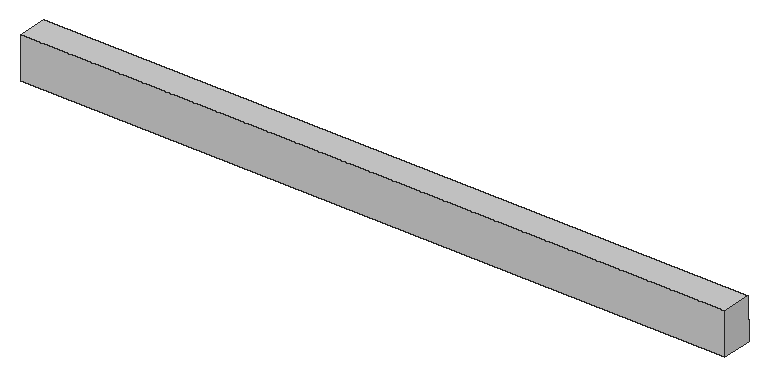
Revit family "Lum_Teto_Tubular_1_Sobrepor", category Lighting Fixtures, host Ceiling, Revit 2025
Family settings
  Host = Ceiling
  Round Connector Dimension = Use Diameter
  Part Type = Normal
  OmniClass Number = 23.80.70.11
  OmniClass Title = Luminaries for Internal Lighting
  Always vertical = Yes
  Cut with Voids When Loaded = No
  Light Source = Yes
  Maintain Annotation Orientation = No
  Shared = No
  Room Calculation Point = No
Parameters (values of type "Luminária_Tubular_1_Lâmpada")
  Wattage = 9.2903 W
  built-in parameter 1150110 = 1 (stored number, unit not read)
  built-in parameter 1114217 = 1 (stored number, unit not read)
  built-in parameter 1150109 = 1 (stored number, unit not read)
  Lumi_Material = Material_Corpo_Luminaria
  Lumi_Largura_Interna = Lumi_Largura - 10 mm  # 40 mm
  Lumi_Largura = 50 mm
  Lumi_Comprimento = 1200 mm
  Lumi_Altura = 70 mm
  Emit from Line Length = Lumi_Comprimento - 100 mm  # 1100 mm
  Default Elevation = 0 mm
  built-in parameter 1150134 = (empty or 0)
  built-in parameter 1150113 = 1 (stored number, unit not read)
  Lumens = 1380 lm
  built-in parameter 1150115 = 1 (stored number, unit not read)
  built-in parameter 1150105 = 439.27 (stored number, unit not read)
  Light Source Symbol Size = 30 mm
  built-in parameter 1150137 = (empty or 0)
  built-in parameter 1150139 = (empty or 0)
  built-in parameter 1150112 = 1 (stored number, unit not read)
  built-in parameter 1150114 = 1 (stored number, unit not read)
  built-in parameter 1150132 = 2
  built-in parameter 1150102 = (empty or 0)
  built-in parameter 1150138 = (empty or 0)
  built-in parameter 1150107 = 3000 (stored number, unit not read)
  built-in parameter 1150106 = 4.3927 (stored number, unit not read)
  built-in parameter 1150104 = 13.8 (stored number, unit not read)
  Dimming Lamp Color Temperature Shift = <None>
  Color Filter = 16777215
  built-in parameter 1114218 = 1 (stored number, unit not read)
  built-in parameter 1150133 = 10 (stored number, unit not read)
Reference planes
  plane 1 "Eixo de origem da luz (F/T)": y = 0
  plane 2: z = 0
  plane 3 "Eixo de origem da luz (E/D)": x = 0
  plane 4 "Forro": z = 4000
  plane 5 "Elevação da origem da luz": z = 3930
  plane 6 "Tubo_E": x = -550
  plane 7 "Tubo_D": x = 550
Forms (mm)
  Extrusion 1, solid, material "Material_Corpo_Luminaria" <- "Lumi_Material"
    sketch origin (0, 0, 4000) x (0, 1, 0) y (-1, 0, 0)
      loop
        line (25, 600) -> (-25, 600) -> (-25, -600) -> (25, -600) -> (25, 600)
    from 0 to -70
  Extrusion 2, void
    sketch origin (550, 0, 0) x (0, 1, 0) y (0, 0, 1)
      loop
        line (-20, 3930) -> (20, 3930) -> (20, 3946.124)
        arc (20, 3946.124) -> (-0.003, 3948.533) -> (-20, 3946.072) r 83.356
        line (-20, 3946.072) -> (-20, 3930)
    from 0 to -1100
Dimensions and locks
  equal spacing: host sketch curve, plane 3 "Eixo de origem da luz (E/D)", host sketch curve
  equal spacing: host sketch curve, plane 1 "Eixo de origem da luz (F/T)", host sketch curve
  host sketch curve to host sketch curve = 4000 mm  (x2)
  plane 4 "Forro" to host ceiling = 0 mm
  equal spacing: Extrusion 1 sketch curve, plane 3 "Eixo de origem da luz (E/D)", Extrusion 1 sketch curve
  equal spacing: Extrusion 1 sketch curve, plane 1 "Eixo de origem da luz (F/T)", Extrusion 1 sketch curve
  "Lumi_Largura": Extrusion 1 sketch curve to Extrusion 1 sketch curve
  "Lumi_Comprimento": Extrusion 1 sketch curve to Extrusion 1 sketch curve
  equal spacing: imposter light, plane 3 "Eixo de origem da luz (E/D)", imposter light
  equal spacing: imposter light, plane 1 "Eixo de origem da luz (F/T)", imposter light
  "Lumi_Altura": plane 5 "Elevação da origem da luz" to plane 4 "Forro"
  equal spacing: plane 6 "Tubo_E", plane 3 "Eixo de origem da luz (E/D)", plane 7 "Tubo_D"
  "Emit from Line Length": imposter light to imposter light
  imposter light to imposter light = 30 mm
  "Emit from Line Length": plane 6 "Tubo_E" to plane 7 "Tubo_D"
  equal spacing: Extrusion 2 sketch curve, plane 1 "Eixo de origem da luz (F/T)", Extrusion 2 sketch curve
  "Lumi_Largura_Interna": Extrusion 2 to Extrusion 2
  aligned and locked: plane 3 "Eixo de origem da luz (E/D)" to imposter light
  aligned and locked: plane 1 "Eixo de origem da luz (F/T)" to imposter light
  aligned and locked: plane 5 "Elevação da origem da luz" to imposter light
  aligned and locked: plane 5 "Elevação da origem da luz" to Extrusion 1
  aligned and locked: Extrusion 2 to imposter light
Automatic sketch dimensions
  plane 5 "Elevação da origem da luz" to Extrusion 2 sketch curve = 0 mm
  Extrusion 2 sketch curve to plane 1 "Eixo de origem da luz (F/T)" = 0.104 mm
  plane 5 "Elevação da origem da luz" to Extrusion 2 sketch curve = 64.822 mm
  plane 1 "Eixo de origem da luz (F/T)" to Extrusion 2 sketch curve = 20 mm
  Extrusion 2 sketch curve to plane 5 "Elevação da origem da luz" = 16.072 mm
